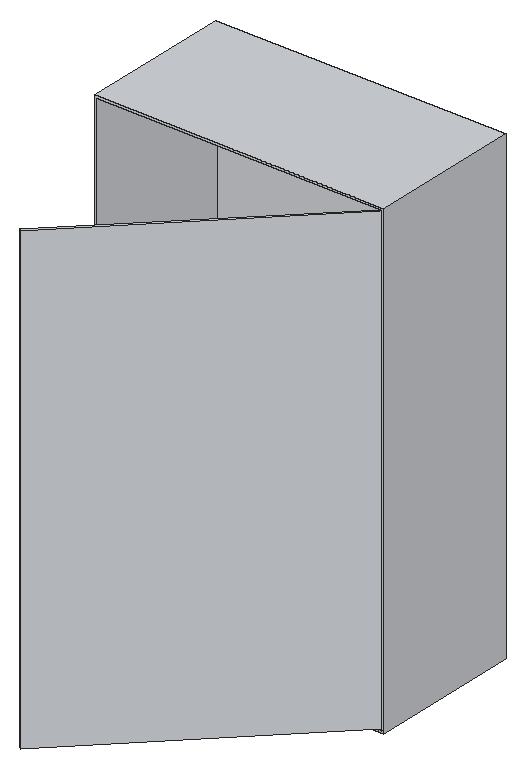
Revit family "Vector-IP65-empty-NoHosted-CH-en", category Electrical Equipment, Revit 2020
Family settings
  Panel Configuration = Two Columns, Circuits Across
  Round Connector Dimension = Use Diameter
  Part Type = Panelboard
  Work Plane-Based = Yes
  Always vertical = Yes
  Cut with Voids When Loaded = No
  Shared = No
  Room Calculation Point = No
Parameters (values of type "Surface mounted IP65 W400 H650 D210  Modular spacings - VP72A")
  Width Control [instance] = if([HG000006 - Flush mounted], if([EF000846 - Built-in width] > min_whd, [EF000846 - Built-in width], min_whd), if([EF000008 - Width] > min_whd, ([EF000008 - Width]), min_whd))  # 400 mm
  Void Depth [instance] = if([EF000218 - Built-in depth] > 1 mm, [EF000218 - Built-in depth], 1 mm)  # 1 mm
  Type Comments = [HG000003 - Range]  # "Vector"
  System Height [instance] = Height Control - 2 * [HG000005 - Thickness]  # 644 mm
  Panel Name [instance] = ""  # (empty or 0)
  Offset [instance] = 0 mm
  Model = [HG000004 - Manufacturer reference]  # "VP72A"
  Level Offset [instance] = [Flush Mounted - Door Frame Width] + Offset  # 0 mm
  HG000011 - Empty rows from bottom = no
  HG000005 - Thickness = 3 mm  # constant formula
  Description = ""
  Default Elevation = 1219.2 mm
  Arrow Offset [instance] = Depth Control / 8  # 26.25 mm
  Arrow Height [instance] = Depth Control - Arrow Offset  # 183.75 mm
  Host Offset [instance] = if([HG000006 - Flush mounted], 0 mm, [EF000049 - Depth])  # 210 mm
  min_whd [instance] = (2 * [HG000005 - Thickness]) + 1 mm  # 7 mm
  Manufacturer = "Hager"  # constant formula
  Height Control [instance] = if([HG000006 - Flush mounted], if([EF000332 - Built-in height] > min_whd, [EF000332 - Built-in height], min_whd), if([EF000040 - Height] > min_whd, ([EF000040 - Height]), min_whd))  # 650 mm
  HG000010 - Asymmetric doors = no
  HG000009 - Double swing door = no
  HG000008 - Number of empty rows = 0
  HG000007 - Number of empty columns = 0
  HG000006 - Flush mounted = no
  HG000004 - Manufacturer reference = "VP72A"
  HG000003 - Range = "Vector"
  HG000002 - With door or cover = yes
  HG000001 - Number of columns = 0
  Flush Mounted - Door Frame Width [instance] = if(([EF000040 - Height] - [EF000332 - Built-in height]) > 0 mm, if([HG000006 - Flush mounted], [EF000040 - Height] - [EF000332 - Built-in height], 0 mm), 0 mm)  # 0 mm
  EF015941 - Signal passing door = no
  EF015777 - Neutral terminal block = no
  EF015776 - Earthing terminal block = no
  EF009212 - Cover model = "0"
  EF006306 - With lock = no
  EF006244 - Transparent cover/door = no
  EF005474 - Degree of protection (IP) = "EV006421 - IP65"
  EF004462 - Type of closure = "0"
  EF002950 - Width in number of modular spacings = 0
  EF001596 - Material housing = "EV000139 - Plastic"
  EF001134 - DIN-rail = no
  EF001131 - Internal depth = 0 mm
  EF001088 - Extension possible = no
  EF001062 - EMC-version = no
  EF000846 - Built-in width = 0 mm
  EF000339 - Type of cover = "EV004216 - Door"
  EF000332 - Built-in height = 0 mm
  EF000266 - Number of rows = 0
  EF000218 - Built-in depth = 0 mm
  EF000118 - With mounting plate = no
  EF000116 - RAL-number = "7035"
  EF000049 - Depth = 210 mm
  EF000040 - Height = 650 mm
  EF000008 - Width = 400 mm
  EF000007 - Colour = "EV000270 - Grey"
  EF000003 - Mounting method = "EV000384 - Surface mounted (plaster)"
  Door_Right [instance] = yes
  Door_Left [instance] = not(Door_Right)  # no
  Door Swing Angle [instance] = 45.00°
  Door 3d Visibility [instance] = yes
  Depth Control [instance] = if([HG000006 - Flush mounted], if([EF000218 - Built-in depth] > 0 mm, [EF000218 - Built-in depth], 1 mm), if([EF000049 - Depth] > 0 mm, ([EF000049 - Depth]), 1 mm))  # 210 mm
  Clearance Visibility [instance] = no
Types (3, lengths in mm): name | Width Control | System Height | Model | Arrow Offset | Arrow Height | Host Offset | Height Control | HG000004 - Manufacturer reference | EF000049 - Depth | EF000040 - Height | EF000008 - Width | Depth Control
  Surface mounted IP65 W250 H350 D160  Modular spacings - VP20A | 250 | 344 | "VP20A" | 20 | 140 | 160 | 350 | "VP20A" | 160 | 350 | 250 | 160
  Surface mounted IP65 W400 H500 D210  Modular spacings - VP54A | 400 | 494 | "VP54A" | 26.25 | 183.75 | 210 | 500 | "VP54A" | 210 | 500 | 400 | 210
  Surface mounted IP65 W400 H650 D210  Modular spacings - VP72A | 400 | 644 | "VP72A" | 26.25 | 183.75 | 210 | 650 | "VP72A" | 210 | 650 | 400 | 210
Reference planes
  plane 1 "Center (Front/Back)": y = 0
  plane 2: z = 0
  plane 3 "Center (Left/Right)": x = 0
  plane 4: y = 3
  plane 5: y = 0
  plane 6: y = 0
  plane 7: z = 0
  plane 8: x = -200
  plane 9: x = 200
  plane 10: x = 197
  plane 11: x = -197
  plane 12: z = 0
  plane 13: z = 3
  plane 14: y = -205
  plane 15: y = -210
  plane 16: y = -3
  plane 17: z = 647
  plane 18: z = 650
  plane 19: z = 325
  plane 20: x = 2000
  plane 21: x = 0
  plane 22: y = -2100
  plane 23: y = -100
Forms (mm)
  Extrusion 1, solid
    sketch origin (-208.679, -4572, 0) x (-1, 0, 0) y (0, -1, 0)
      loop
        line (-8.679, -4362) -> (-408.679, -4362) -> (-408.679, -4572) -> (-8.679, -4572) -> (-8.679, -4362)
    from 0 to 650 <- "Height Control"
  Extrusion 2, void
    sketch origin (-350.771, -210, 1219.2) x (1, 0, 0) y (0, 0, 1)
      loop
        line (153.771, -572.2) -> (153.771, -1216.2) -> (547.771, -1216.2) -> (547.771, -572.2) -> (153.771, -572.2)
    from 0 to -207
  Extrusion 3, solid, detail levels coarse
    sketch origin (-350.771, -210, 1219.2) x (-1, 0, 0) y (0, 0, 1)
      loop
        line (-153.771, -572.2) -> (-547.771, -572.2) -> (-547.771, -1216.2) -> (-153.771, -1216.2) -> (-153.771, -572.2)
    from 0 to 3 <- "HG000005 - Thickness"
Cuts and joins
  Extrusion 2 cuts Extrusion 1
Dimensions and locks
  "Flush Mounted - Door Frame Width": plane 1 "Center (Front/Back)" to plane 6
  "HG000005 - Thickness": plane 4 to plane 6
  "HG000005 - Thickness": plane 8 to plane 11
  "HG000005 - Thickness": plane 9 to plane 10
  equal spacing: plane 8, plane 3 "Center (Left/Right)", plane 9
  "Width Control": plane 8 to plane 9
  locked: plane 14 to plane 15 at 5
  "Host Offset": plane 1 "Center (Front/Back)" to plane 15
  "Depth Control": plane 5 to plane 15
  "HG000005 - Thickness": plane 5 to plane 16
  "HG000005 - Thickness": plane 13 to plane 12
  "Level Offset": plane 12 to level
  "HG000005 - Thickness": plane 18 to plane 17
  "Height Control": plane 18 to plane 12
  "Arrow Offset": plane 5 to nested 4
  equal spacing: plane 18, plane 19, plane 12
  locked: connector elem to plane 19
  locked: connector elem to plane 3 "Center (Left/Right)"
  locked: plane 3 "Center (Left/Right)" to plane 20 at 2000
  locked: plane 21 to plane 20 at 2000
  locked: plane 23 to plane 22 at 2000
  aligned and locked: nested 1 to plane 14
  aligned and locked: plane 3 "Center (Left/Right)" to nested 1
  aligned and locked: plane 3 "Center (Left/Right)" to nested 2
  aligned and locked: nested 2 to plane 15
  aligned and locked: plane 5 to Extrusion 1
  aligned and locked: Extrusion 3 sketch curve to plane 17
  aligned and locked: Extrusion 3 sketch curve to plane 11
  aligned and locked: plane 13 to Extrusion 3 sketch curve
  aligned and locked: Extrusion 3 sketch curve to plane 10
  aligned and locked: plane 13 to Extrusion 2 sketch curve
  aligned and locked: Extrusion 2 sketch curve to plane 10
  aligned and locked: Extrusion 2 sketch curve to plane 17
  aligned and locked: Extrusion 2 sketch curve to plane 11
  aligned and locked: plane 16 to Extrusion 2
  aligned and locked: plane 5 to Extrusion 1 sketch curve
  aligned and locked: plane 9 to Extrusion 1 sketch curve
  aligned and locked: plane 8 to Extrusion 1 sketch curve
  aligned and locked: plane 8 to nested 4
  aligned and locked: plane 8 to nested 3
  aligned and locked: nested 3 to plane 5
  aligned and locked: Extrusion 1 sketch curve to plane 15
  aligned and locked: Extrusion 2 to plane 15
Nested families
  nested 1: "Hager_Enclosure_System" at (0, -205, 3), No_Columns <- "HG000001 - Number of columns", Flush_Mounted <- "HG000006 - Flush mounted", Width <- "EF000008 - Width", Height <- "System Height", Width_Control <- "Width Control", Row_Module_Multiplicator <- "EF002950 - Width in number of modular spacings", Empty_Columns <- "HG000007 - Number of empty columns", No_Rows <- "EF000266 - Number of rows", Built-in_Width <- "EF000846 - Built-in width", Border <- "HG000005 - Thickness", Total_No_Empty_Rows <- "HG000008 - Number of empty rows", Depth <- "HG000005 - Thickness", Empty_Rows_From_Bottom <- "HG000011 - Empty rows from bottom", type "Hager_Enclosure_System", detail levels medium+fine
    with Width_Control 400 mm, Width 400 mm, Total_No_Rows 0, Total_No_Empty_Rows 0, Total_No_Columns 1, System_Width 394 mm, Rows_Column 0, Row_Module_Multiplicator 0, Panel_4 no, Panel_3 no, Panel_2 no, Panel_1 no, No_Rows 0, No_Panels_Ctrl 1, No_Columns 0, Hide_Columns yes, Height 644 mm, Flush_Mounted no, Empty_Rows_From_Bottom no, Empty_Rows_Column 0, Empty_Columns 0, Depth 3 mm, Column_Width 394 mm, Built-in_Width 0 mm, Border 3 mm
  nested 2: "Hager_Enclosure_Door" at (0, -210, 0), Double <- "HG000009 - Double swing door", Height_Ctrl <- "Height Control", Transparent <- "EF006244 - Transparent cover/door", Depth <- "EF000049 - Depth", Height <- "EF000040 - Height", Angle <- "Door Swing Angle", Door_Right <- "Door_Right", Assymetrical <- "HG000010 - Asymmetric doors", Flush_Mounted <- "HG000006 - Flush mounted", BuiltIn_Depth <- "EF000218 - Built-in depth", BuiltIn_Width <- "EF000846 - Built-in width", Door <- "HG000002 - With door or cover", Width_Ctrl <- "Width Control", 3d_Door <- "Door 3d Visibility", Width <- "EF000008 - Width", Border <- "HG000005 - Thickness", BuiltIn_Height <- "EF000332 - Built-in height", Clearance <- "Clearance Visibility", Door_Left <- "Door_Left", type "Hager_Enclosure_Door", detail levels medium+fine
    with min_wh 7 mm, Width_Ctrl 400 mm, Width 400 mm, Transparent no, Leaf_Width 391 mm, Leaf_Tolerance 1.5 mm, Leaf_Height 641 mm, Leaf_2_Width 391 mm, Leaf_2_Offset 195.5 mm, Leaf_1_Width 391 mm, Leaf_1_Offset 195.5 mm, Height_Ctrl 650 mm, Height 650 mm, Frame_Width_Ctrl 400 mm, Frame_Width 400 mm, Frame_Internal_Offset 0 mm, Frame_Height_Ctrl 650 mm, Frame_Height 650 mm, Frame_Depth_Ctrl 1 mm, Frame_Depth 0 mm, Flush_Mounted no, Double_Clearance_Ctrl no, Double no, Door_Right_Ctrl yes, Door_Right yes, Door_Left_Ctrl no, Door_Left no, Door yes, Depth 210 mm, Clearance_Depth 391 mm, Clearance_Ctrl no, Clearance no, BuiltIn_Width 0 mm, BuiltIn_Height 0 mm, BuiltIn_Depth 0 mm, Border 3 mm, Assymetrical no, Angle 45.00°, 3d_Door yes
  nested 3: "Hager_Enclosure_Symbol_Triangle" at (-200, 0, 0), Depth <- "Depth Control", Width <- "Width Control", type "Hager_Enclosure_Symbol_Triangle"
    with Width_Ctrl 400 mm, Width 400 mm, Depth_Ctrl 210 mm, Depth 210 mm
  nested 4: "Hager_Enclosure_Symbol_Arrow" at (-200, -26.25, 0), Height <- "Arrow Height", type "Hager_Enclosure_Symbol_Arrow"
    with Width_Inside 13.781 mm, Width 165.375 mm, Height_Ctrl 183.75 mm, Height 183.75 mm
Connectors
  electrical at (0, 0, 325)
    settings: on plane 5, index 1, voltage 0 V, apparent load 0 VA, apparent load phase1 0 VA, apparent load phase2 0 VA, apparent load phase3 0 VA, power factor 1, load classification "Other", number of poles 1, system type 30, power factor state 1, is connector primary yes, connector utility no, sub classification motor no, connector description ""
Definition of nested family "Hager_Enclosure_Door"
  Parameters (values of type "Hager_Enclosure_Door")
    min_wh [instance] = (2 * Border) + 1 mm  # 11 mm
    Width_Ctrl [instance] = 400 mm
    Width [instance] = 500 mm
    Transparent [instance] = yes
    Leaf_Width [instance] = if((Width_Ctrl - 2 * Border - 2 * Leaf_Tolerance) > 0 mm, (Width_Ctrl - 2 * Border - 2 * Leaf_Tolerance), min_wh)  # 387 mm
    Leaf_Tolerance [instance] = 1.5 mm  # constant formula
    Leaf_Height [instance] = if((Height_Ctrl - 2 * Border - 2 * Leaf_Tolerance) > 0 mm, (Height_Ctrl - 2 * Border - 2 * Leaf_Tolerance), min_wh)  # 387 mm
    Leaf_2_Width [instance] = if(and(and(Double, Assymetrical), Door_Left), (Leaf_Width / 3) - (Leaf_Tolerance / 2), if(and(and(Double, Assymetrical), Door_Right), (Leaf_Width / 3) * 2 - (Leaf_Tolerance / 2), if(and(Double, not(Assymetrical)), (Leaf_Width / 2) - Leaf_Tolerance, Leaf_Width)))  # 192 mm
    Leaf_2_Offset [instance] = if(and(Double, Assymetrical), Leaf_2_Width / 2, if(and(Double, not(Assymetrical)), Leaf_Width / 4, Leaf_Width / 2))  # 96.75 mm
    Leaf_1_Width [instance] = if(and(and(Double, Assymetrical), Door_Right), (Leaf_Width / 3) - (Leaf_Tolerance / 2), if(and(and(Double, Assymetrical), Door_Left), (Width / 3) * 2 - (Leaf_Tolerance / 2), if(and(Double, not(Assymetrical)), (Leaf_Width / 2) - Leaf_Tolerance, Leaf_Width)))  # 192 mm
    Leaf_1_Offset [instance] = if(and(Double, Assymetrical), Leaf_1_Width / 2, if(and(Double, not(Assymetrical)), Leaf_Width / 4, Leaf_Width / 2))  # 96.75 mm
    Height_Ctrl [instance] = 400 mm
    Height [instance] = 500 mm
    Frame_Width_Ctrl [instance] = if(Frame_Width > 0 mm, Frame_Width, 1 mm)  # 1 mm
    Frame_Width [instance] = Width - BuiltIn_Width  # 0 mm
    Frame_Internal_Offset [instance] = if(Flush_Mounted, Border, 0 mm)  # 0 mm
    Frame_Height_Ctrl [instance] = if(Frame_Height > 0 mm, Frame_Height, 1 mm)  # 1 mm
    Frame_Height [instance] = Height - BuiltIn_Height  # 0 mm
    Frame_Depth_Ctrl [instance] = if(Frame_Depth > 0 mm, Frame_Depth, 1 mm)  # 1 mm
    Frame_Depth [instance] = if(Depth - BuiltIn_Depth > 0 mm, if(Flush_Mounted, Depth - BuiltIn_Depth, 0 mm), 0 mm)  # 0 mm
    Flush_Mounted [instance] = no
    Double_Clearance_Ctrl [instance] = and(Double, Clearance)  # yes
    Double [instance] = yes
    Door_Right_Ctrl [instance] = and(or(Door_Right, Double), Door)  # yes
    Door_Right [instance] = yes
    Door_Left_Ctrl [instance] = and(or(Door_Left, Double), Door)  # yes
    Door_Left [instance] = no
    Door [instance] = yes
    Depth [instance] = 500 mm
    Default Elevation = 1219.2 mm
    Clearance_Material = none
    Clearance_Depth [instance] = if(Leaf_1_Width > Leaf_2_Width, Leaf_1_Width, Leaf_2_Width)  # 192 mm
    Clearance_Ctrl [instance] = and(not(Double), Clearance)  # no
    Clearance [instance] = yes
    BuiltIn_Width [instance] = 500 mm
    BuiltIn_Height [instance] = 500 mm
    BuiltIn_Depth [instance] = 500 mm
    Border [instance] = 5 mm
    Assymetrical [instance] = no
    Angle [instance] = 65.00°
    3d_Door [instance] = yes
  Reference planes
    plane 1 "Center (Front/Back)": y = 0
    plane 2 "Bottom": z = 0
    plane 3 "Center (Left/Right)": x = 0
    plane 4: z = 400
    plane 5: x = -200
    plane 6: x = 200
    plane 7: z = 395
    plane 8: x = -195
    plane 9: z = 5
    plane 10: x = 195
    plane 11: y = 0
    plane 12: z = 6.5
    plane 13: x = -387
    plane 14: y = -192
    plane 15: x = 387
    plane 16: x = -96.75
    plane 17: x = 96.75
    plane 18: x = -193.5
    plane 19: x = 193.5
    plane 20: z = 393.5
  Forms (mm)
    Extrusion 1, solid, visible <- "Flush_Mounted"
      sketch origin (0, 0, 0) x (1, 0, 0) y (0, 0, 1)
        loop
          line (200, 0) -> (200, 400) -> (-200, 400) -> (-200, 0) -> (200, 0)
        loop
          line (-201, 401) -> (-201, -1) -> (201, -1) -> (201, 401) -> (-201, 401)
      from 0 to 1 <- "Frame_Depth_Ctrl"
    Extrusion 2, solid, material <- "Clearance_Material", visible <- "Double_Clearance_Ctrl"
      sketch origin (1200, 0, 0) x (1, 0, 0) y (0, 0, -1)
        loop
          line (-1587, -393.5) -> (-813, -393.5) -> (-813, 0) -> (-1587, 0) -> (-1587, -393.5)
      from 0 to -192
  Dimensions and locks
    equal spacing: plane 5, plane 3 "Center (Left/Right)", plane 6
    "Width_Ctrl": plane 5 to plane 6
    "Border": plane 5 to plane 8
    "Border": plane 6 to plane 10
    "Border": plane 9 to level
    "Border": plane 4 to plane 7
    "Height_Ctrl": plane 4 to level
    "Leaf_Tolerance": plane 12 to plane 9
    "Frame_Depth": plane 11 to plane 1 "Center (Front/Back)"
    "Frame_Width_Ctrl": plane 5 to Extrusion 1 sketch curve
    "Frame_Width_Ctrl": plane 6 to Extrusion 1 sketch curve
    "Frame_Width_Ctrl": Extrusion 1 sketch curve to plane 4
    "Frame_Width_Ctrl": plane 2 "Bottom" to Extrusion 1 sketch curve
    "Leaf_1_Offset": plane 18 to plane 16
    "Leaf_2_Offset": plane 17 to plane 19
    "Leaf_1_Width": plane 13 to plane 8
    "Leaf_2_Width": plane 10 to plane 15
    "Clearance_Depth": plane 14 to plane 1 "Center (Front/Back)"
    "Leaf_Tolerance": plane 8 to plane 18
    "Leaf_Tolerance": plane 19 to plane 10
    "Leaf_Tolerance": plane 7 to plane 20
    "Frame_Internal_Offset": plane 5 to Extrusion 1 sketch curve
    "Frame_Internal_Offset": Extrusion 1 sketch curve to plane 2 "Bottom"
    "Frame_Internal_Offset": plane 6 to Extrusion 1 sketch curve
    "Frame_Internal_Offset": plane 4 to Extrusion 1 sketch curve
    aligned and locked: level to plane 2 "Bottom"
    aligned and locked: nested 1 to plane 16
    aligned and locked: nested 2 to plane 17
    aligned and locked: Extrusion 2 to plane 13
    aligned and locked: plane 15 to Extrusion 2
    aligned and locked: Extrusion 2 to plane 14
    aligned and locked: plane 12 to nested 1
    aligned and locked: nested 2 to plane 12
    aligned and locked: Extrusion 2 to plane 11
    aligned and locked: plane 20 to Extrusion 2
    aligned and locked: nested 2 to plane 11
    aligned and locked: nested 1 to plane 11
  Automatic sketch dimensions
    Extrusion 2 sketch curve to level = 0 mm
    plane 5 to Extrusion 2 sketch curve = 187 mm
    plane 6 to Extrusion 2 sketch curve = 187 mm
    Extrusion 2 sketch curve to plane 4 = 6.5 mm
  Nested families
    nested 1: "Hager_Enclosure_Door_Leaf" at (-96.75, 0, 6.5), Width <- "Leaf_1_Width", visible <- "Door_Left_Ctrl", Leaf_Height <- "Leaf_Height", Angle <- "Angle", Depth <- "Border", 3d_Door <- "3d_Door", Transparent <- "Transparent", Clearance Material <- "Clearance_Material", Clearance <- "Clearance_Ctrl", type "Hager_Enclosure_Door_Leaf"
      with Width 192 mm, Transparent_Door_Border 25 mm, Transparent_Ctrl yes, Transparent yes, Standard no, Leaf_Height 387 mm, Glass_Offset 1 mm, Depth 5 mm, Clearance Material none, Clearance no, Angle_Ctrl 65.00°, Angle 65.00°, 3d_Door yes
    nested 2: "Hager_Enclosure_Door_Leaf" at (96.75, 0, 6.5) x (-1, 0, 0) z (0, 0, 1), Width <- "Leaf_2_Width", visible <- "Door_Right_Ctrl", Leaf_Height <- "Leaf_Height", Angle <- "Angle", Depth <- "Border", 3d_Door <- "3d_Door", Transparent <- "Transparent", Clearance Material <- "Clearance_Material", Clearance <- "Clearance_Ctrl", type "Hager_Enclosure_Door_Leaf"
      with Width 192 mm, Transparent_Door_Border 25 mm, Transparent_Ctrl yes, Transparent yes, Standard no, Leaf_Height 387 mm, Glass_Offset 1 mm, Depth 5 mm, Clearance Material none, Clearance no, Angle_Ctrl 65.00°, Angle 65.00°, 3d_Door yes
  Definition of nested family "Hager_Enclosure_Door_Leaf"
    Parameters (values of type "Hager_Enclosure_Door_Leaf")
      Width [instance] = 200 mm
      Transparent_Door_Border [instance] = 25 mm  # constant formula
      Transparent_Ctrl [instance] = and(Transparent, [3d_Door])  # yes
      Transparent [instance] = yes
      Standard [instance] = and(not(Transparent), [3d_Door])  # no
      Leaf_Height [instance] = 500 mm
      Glass_Offset [instance] = if((Depth - 10 mm) / 2 > 0 mm, (Depth - 10 mm) / 2, 1 mm)  # 1 mm
      Glass_Material = none
      Depth [instance] = 3 mm
      Default Elevation = 0 mm
      Clearance Material [instance] = none
      Clearance [instance] = no
      Angle_Ctrl [instance] = if(Angle > 170.00°, 170.00°, Angle)  # 163.00°
      Angle [instance] = 163.00°
      3d_Door [instance] = yes
    Reference planes
      plane 1 "Center (Front/Back)": y = 0
      plane 2: z = 0
      plane 3 "Center (Left/Right)": x = 0
      plane 4: y = 200
      plane 5: x = -100
      plane 6: x = 100
      plane 7: x = -300
      plane 8: z = 500
      plane 9: z = 25
      plane 10: z = 475
      plane 11: x = 75
      plane 12: x = -75
    Forms (mm)
      Extrusion 1, solid, material <- "Clearance Material", visible <- "Clearance"
        sketch origin (0, 0, 0) x (1, 0, 0) y (0, 0, 1)
          loop
            line (-300, 500) -> (-300, 0) -> (100, 0) -> (100, 500) -> (-300, 500)
        from 0 to -200
      Extrusion 2, solid, visible <- "Standard", detail levels fine
        sketch origin (-100, 0, 0) x (-0.956305, 0.292372, 0) y (-0.292372, -0.956305, 0)
          loop
            line (0, -3) -> (200, -3) -> (200, 0) -> (0, 0) -> (0, -3)
        from 0 to 500 <- "Leaf_Height"
      Extrusion 3, solid, visible <- "Transparent_Ctrl", detail levels fine
        sketch origin (-100, 0, 0) x (-0.956305, 0.292372, 0) y (-0.292372, -0.956305, 0)
          loop
            line (0, -3) -> (200, -3) -> (200, 0) -> (0, 0) -> (0, -3)
        from 0 to 500 <- "Leaf_Height"
      Extrusion 4, void, detail levels fine
        sketch origin (-100, 0, 0) x (-0.292372, -0.956305, 0) y (-0.956305, 0.292372, 0)
          loop
            line (0, 25) -> (0, 175) -> (-3, 175) -> (-3, 25) -> (0, 25)
        from -475 to -25
      Extrusion 5, solid, material <- "Glass_Material", visible <- "Transparent_Ctrl", detail levels fine
        sketch origin (-100, 0, 0) x (-0.956305, 0.292372, 0) y (-0.292372, -0.956305, 0)
          loop
            line (25, -1) -> (25, -2) -> (175, -2) -> (175, -1) -> (25, -1)
        from 25 to 475
    Cuts and joins
      Extrusion 4 cuts Extrusion 3
    Lines and regions (mm)
      symbolic lines
        curve 1: line (100, 0, 0) -> (-300, 0, 0)
        curve 2: arc (100, 0, 0) -> (-100, 200, 0) -> (-300, 0, 0) r 200
        curve 4: line (-100, 0, 0) -> (-291.261, 58.474, 0)
      reference lines
        curve 3: line (-100, 0, 0) -> (-291.261, 58.474, 0)
      symbolic lines, detail levels medium+fine
        curve 5: line (-291.261, 58.474, 0) -> (-290.384, 61.343, 0)
        curve 6: line (-290.384, 61.343, 0) -> (-99.123, 2.869, 0)
        curve 7: line (-99.123, 2.869, 0) -> (-100, 0, 0)
      symbolic lines, detail levels fine
        curve 8: line (-100, 0, 500) -> (100, 0, 500)
        curve 9: line (-100, 0, 0) -> (-100, 0, 500)
        curve 10: line (100, 0, 0) -> (-100, 0, 0)
        curve 11: line (100, 0, 500) -> (100, 0, 0)
      symbolic lines, visible <- "Transparent_Ctrl", detail levels fine
        curve 12: line (-75, 0, 475) -> (75, 0, 475)
        curve 13: line (-75, 0, 25) -> (-75, 0, 475)
        curve 14: line (75, 0, 25) -> (-75, 0, 25)
        curve 15: line (75, 0, 475) -> (75, 0, 25)
    Dimensions and locks
      "Width": plane 1 "Center (Front/Back)" to plane 4
      equal spacing: plane 5, plane 3 "Center (Left/Right)", plane 6
      "Width": plane 5 to plane 6
      "Width": plane 7 to plane 5
      "Leaf_Height": plane 8 to level
      "Depth": curve 6 to curve 3
      "Width": curve 5 to curve 3
      "Width": curve 3 to curve 3
      "Transparent_Door_Border": Extrusion 4 sketch curve to curve 7
      "Transparent_Door_Border": Extrusion 4 sketch curve to curve 5
      "Transparent_Door_Border": plane 8 to plane 10
      "Transparent_Door_Border": plane 9 to level
      "Glass_Offset": Extrusion 5 sketch curve to curve 4
      "Glass_Offset": Extrusion 5 sketch curve to curve 6
      "Transparent_Door_Border": Extrusion 5 sketch curve to curve 5
      "Transparent_Door_Border": Extrusion 5 sketch curve to curve 7
      "Transparent_Door_Border": plane 12 to plane 5
      "Transparent_Door_Border": plane 6 to plane 11
      "Angle_Ctrl": angle plane 1 "Center (Front/Back)" to curve 3
      aligned and locked: level to plane 2
      aligned and locked: Extrusion 1 to curve 1
      aligned and locked: plane 6 to Extrusion 1
      aligned and locked: plane 1 "Center (Front/Back)" to Extrusion 1
      aligned and locked: plane 4 to Extrusion 1
      aligned and locked: plane 8 to Extrusion 1
      aligned and locked: curve 4 to curve 3
      aligned and locked: Extrusion 2 sketch curve to curve 7
      aligned and locked: Extrusion 2 sketch curve to curve 6
      aligned and locked: Extrusion 2 sketch curve to curve 5
      aligned and locked: Extrusion 2 sketch curve to curve 3
      aligned and locked: curve 7 to Extrusion 3 sketch curve
      aligned and locked: Extrusion 3 sketch curve to curve 4
      aligned and locked: Extrusion 3 sketch curve to curve 6
      aligned and locked: Extrusion 3 sketch curve to curve 5
      aligned and locked: curve 4 to Extrusion 4 sketch curve
      aligned and locked: curve 6 to Extrusion 4 sketch curve
      aligned and locked: Extrusion 4 to plane 9
      aligned and locked: Extrusion 4 to plane 10
      aligned and locked: Extrusion 5 to plane 9
      aligned and locked: Extrusion 5 to plane 10
      aligned and locked: curve 8 to plane 8
      aligned and locked: plane 5 to curve 9
      aligned and locked: plane 2 to curve 10
      aligned and locked: curve 11 to plane 6
      aligned and locked: plane 10 to curve 12
      aligned and locked: plane 12 to curve 13
      aligned and locked: plane 9 to curve 14
      aligned and locked: plane 11 to curve 15
    Automatic sketch dimensions
      plane 1 "Center (Front/Back)" to curve 2 = 0 mm
      curve 2 to plane 5 = 0 mm
      Extrusion 1 sketch curve to level = 0 mm
      Extrusion 1 sketch curve to plane 7 = 0 mm
      Extrusion 1 sketch curve to plane 6 = 0 mm
      Extrusion 1 sketch curve to plane 8 = 0 mm
      plane 1 "Center (Front/Back)" to curve 3 = 0 mm
      curve 3 to plane 5 = 0 mm
      curve 7 to curve 3 = 0 mm
Definition of nested family "Hager_Enclosure_Symbol_Triangle"
  Parameters (values of type "Hager_Enclosure_Symbol_Triangle")
    Width_Ctrl [instance] = if(Width > 1 mm, Width, 1 mm)  # 498 mm
    Width [instance] = 498 mm
    Depth_Ctrl [instance] = if(Depth > 1 mm, Depth, 1 mm)  # 72 mm
    Depth [instance] = 72 mm
  Reference planes
    plane 1 "Centre (avant/arrière)": y = 0
    plane 2: z = 0
    plane 3 "Centre (gauche/droite)": x = 0
  Lines and regions (mm)
    Filled region 1, type "Solid_Black", in view "Niveau de réf."
      outline origin (0, 0, 0) x (1, 0, 0) y (0, 1, 0)
        loop
          line (0, 0) -> (498, 0) -> (498, 72) -> (0, 0)
    reference lines, in view "Niveau de réf."
      curve 1: line (-206.153, 72, 0) -> (1083.258, 72, 0)
      curve 2: line (498, 405.456, 0) -> (498, -517.619, 0)
  Dimensions and locks
    "Depth_Ctrl": plane 1 "Centre (avant/arrière)" to curve 1
    "Width_Ctrl": plane 3 "Centre (gauche/droite)" to curve 2
    aligned and locked: curve 1 to Filled region 1 sketch curve
    aligned and locked: Filled region 1 sketch curve to plane 1 "Centre (avant/arrière)"
    aligned and locked: curve 2 to Filled region 1 sketch curve
    aligned and locked: plane 3 "Centre (gauche/droite)" to Filled region 1 sketch curve
    aligned and locked: plane 1 "Centre (avant/arrière)" to Filled region 1 sketch curve
  Automatic sketch dimensions
    curve 1 to plane 3 "Centre (gauche/droite)" = 206.153 mm
    curve 2 to curve 1 = 585.258 mm
    plane 1 "Centre (avant/arrière)" to curve 2 = 517.619 mm
    curve 2 to plane 1 "Centre (avant/arrière)" = 405.456 mm
Definition of nested family "Hager_Enclosure_Symbol_Arrow"
  Parameters (values of type "Hager_Enclosure_Symbol_Arrow")
    Width_Inside [instance] = if(Width / 12 > 2 mm, Width / 12, 2 mm)  # 4.987 mm
    Width [instance] = if(Height_Ctrl * 0.9 > 2 mm, Height_Ctrl * 0.9, 2 mm)  # 59.85 mm
    Height_Ctrl [instance] = if(Height > 2 mm, Height, 2 mm)  # 66.5 mm
    Height [instance] = 66.5 mm
  Reference planes
    plane 1 "Centre (avant/arrière)": y = 0
    plane 2: z = 0
    plane 3 "Centre (gauche/droite)": x = 0
    plane 4: x = 59.85
    plane 5: y = 28.263
    plane 6: y = 38.238
    plane 7: y = 66.5
    plane 8: x = 29.925
    plane 9: y = 33.25
  Lines and regions (mm)
    Filled region 1, type "Solid_Black", in view "Niveau de réf."
      outline origin (0, 0, 0) x (1, 0, 0) y (0, 1, 0)
        loop
          line (59.85, 66.5) -> (37.929, 52.827) -> (51.846, 41.935) -> (59.85, 66.5)
    detail lines, in view "Niveau de réf."
      curve 1: line (0, 0, 0) -> (29.925, 38.238, 0)
      curve 2: line (29.925, 38.238, 0) -> (29.925, 28.263, 0)
      curve 3: line (29.925, 28.263, 0) -> (59.85, 66.5, 0)
  Dimensions and locks
    "Width": plane 3 "Centre (gauche/droite)" to plane 4
    "Height_Ctrl": plane 7 to plane 1 "Centre (avant/arrière)"
    equal spacing: plane 3 "Centre (gauche/droite)", plane 8, plane 4
    equal spacing: plane 7, plane 9, plane 1 "Centre (avant/arrière)"
    equal spacing: plane 6, plane 9, plane 5
    "Width_Inside": plane 6 to plane 9
    equal spacing: curve 3, Filled region 1 sketch curve, Filled region 1 sketch curve
    angle Filled region 1 sketch curve to curve 3 = 20.00°
    angle curve 3 to Filled region 1 sketch curve = 20.00°
    locked: curve 3 to Filled region 1 sketch curve (angle 90.00°)
  Automatic sketch dimensions
    plane 1 "Centre (avant/arrière)" to curve 1 = 0 mm
    curve 1 to plane 3 "Centre (gauche/droite)" = 0 mm
    curve 2 to plane 6 = 0 mm
    curve 3 to plane 8 = 0 mm
    curve 3 to plane 4 = 0 mm
    curve 2 to plane 5 = 0 mm
    curve 3 to plane 7 = 0 mm
    Filled region 1 sketch curve to plane 4 = 0 mm
    Filled region 1 sketch curve to plane 7 = 0 mm
